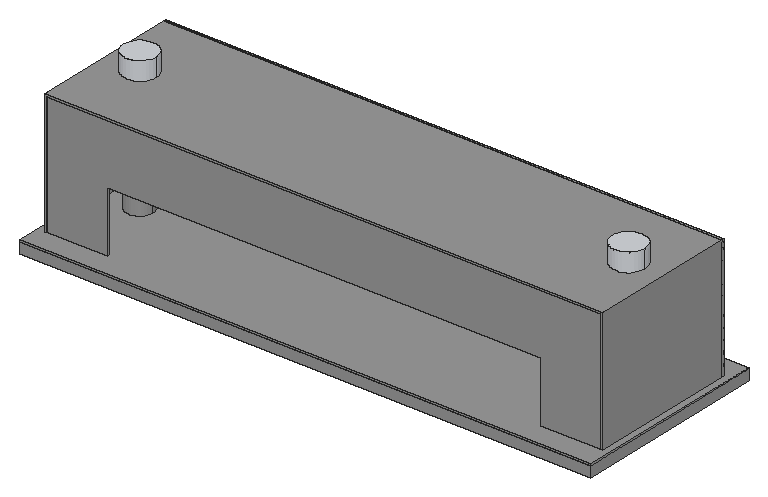
Revit family "Potentialausgleichsschiene massive Ausführung", category Generic Models, Revit 2015
Parameters (values of type "1810")
  Width = 120 mm
  URL = "http://www.obo-bettermann.com"
  Material = Steel, Galvanized
  Manufacturer Art.No. = "5015057"
  Manufacturer = "OBO Bettermann"
  Length 1 = 110 mm
  Length = 348 mm
  Height 1 = 82.5 mm
  Height = 1 mm
  GTIN = "4012195378136"
  Cut's number = 6
  Article Type = "1810"
Reference planes
  plane 1 "Center (Front/Back)": y = 0
  plane 2: z = 0
  plane 3 "Center (Left/Right)": x = 0
  plane 4: z = 1
  plane 5: z = -6.5
  plane 6: z = 39
  plane 7: z = 45
  plane 8: z = 76
  plane 9: z = 87
  plane 10: z = 48.4
  plane 11: z = 54.9
  plane 12: z = 63
  plane 13: z = 35
  plane 14: z = 33.5
  plane 15: z = 51.2
  plane 16: z = 59.2
  plane 17: z = 70.2
  plane 18: z = 70
  plane 19: z = 49
  plane 20: z = 51.4
  plane 21: z = 57.7
  plane 22: z = 33.7
  plane 23: y = 46
  plane 24: y = -46
  plane 25: y = -45
  plane 26: y = 45
Forms (mm)
  Extrusion 1, solid, material "Steel, Galvanized" <- "Material"
    sketch origin (0, 0, 0) x (1, 0, 0) y (0, 1, 0)
      loop
        line (-174, 60) -> (-174, -60) -> (174, -60) -> (174, 60) -> (-174, 60)
    from 0 to 1
  Extrusion 2, solid, material "Steel, Galvanized" <- "Material"
    sketch origin (0, 0, 0) x (1, 0, 0) y (0, 1, 0)
      loop
        line (174, 60) -> (-174, 60) -> (-174, -60) -> (174, -60) -> (174, 60)
      loop
        line (-173, 59) -> (-173, -59) -> (173, -59) -> (173, 59) -> (-173, 59)
    from -6.5 to 0
  Extrusion 3, solid, material "Steel, Galvanized" <- "Material"
    sketch origin (0, 0, 0) x (1, 0, 0) y (0, 1, 0)
      loop
        circle (-149, 0) r 8
      loop
        circle (149, 0) r 8
    from 1 to 39
  Extrusion 4, solid, material "Steel, Galvanized" <- "Material"
    sketch origin (0, 0, 0) x (1, 0, 0) y (0, 1, 0)
      loop
        line (-159, 15) -> (-159, -15) -> (159, -15) -> (159, 15) -> (-159, 15)
    from 39 to 45
  Extrusion 5, solid
    sketch origin (0, 0, 0) x (1, 0, 0) y (0, 1, 0)
      loop
        circle (149, 0) r 3
      loop
        circle (-149, 0) r 3
    from 45 to 76
  Extrusion 6, solid
    sketch origin (0, 0, 0) x (1, 0, 0) y (0, 1, 0)
      loop
        circle (-149, 0) r 10
      loop
        circle (149, 0) r 10
    from 76 to 87
  Extrusion 7, solid
    sketch origin (0, 0, 0) x (1, 0, 0) y (0, 1, 0)
      loop
        circle (-129, 0) r 7.5
    from 45 to 48.4
  Extrusion 8, solid
    sketch origin (0, 0, 0) x (1, 0, 0) y (0, 1, 0)
      loop
        line (-121.5, 4.33) -> (-129, 8.66) -> (-136.5, 4.33) -> (-136.5, -4.33) -> (-129, -8.66) -> (-121.5, -4.33) -> (-121.5, 4.33)
    from 48.4 to 54.9
  Extrusion 9, solid
    sketch origin (0, 0, 0) x (1, 0, 0) y (0, 1, 0)
      loop
        circle (-129, 0) r 4
    from 54.9 to 63
  Extrusion 10, solid
    sketch origin (0, 0, 0) x (1, 0, 0) y (0, 1, 0)
      loop
        circle (-129, 0) r 7.724
    from 35 to 39
  Extrusion 11, solid
    sketch origin (110, 0, 0) x (1, 0, 0) y (0, 1, 0)
      loop
        circle (-129, 0) r 7.5
    from 45 to 48.4
  Extrusion 12, solid
    sketch origin (110, 0, 0) x (1, 0, 0) y (0, 1, 0)
      loop
        line (-121.5, 4.33) -> (-129, 8.66) -> (-136.5, 4.33) -> (-136.5, -4.33) -> (-129, -8.66) -> (-121.5, -4.33) -> (-121.5, 4.33)
    from 48.4 to 54.9
  Extrusion 13, solid
    sketch origin (110, 0, 0) x (1, 0, 0) y (0, 1, 0)
      loop
        circle (-129, 0) r 4
    from 54.9 to 63
  Extrusion 14, solid
    sketch origin (110, 0, 0) x (1, 0, 0) y (0, 1, 0)
      loop
        circle (-129, 0) r 7.724
    from 35 to 39
  Extrusion 15, solid
    sketch origin (22, 0, 0) x (1, 0, 0) y (0, 1, 0)
      loop
        circle (-129, 0) r 7.5
    from 45 to 48.4
  Extrusion 16, solid
    sketch origin (22, 0, 0) x (1, 0, 0) y (0, 1, 0)
      loop
        line (-121.5, 4.33) -> (-129, 8.66) -> (-136.5, 4.33) -> (-136.5, -4.33) -> (-129, -8.66) -> (-121.5, -4.33) -> (-121.5, 4.33)
    from 48.4 to 54.9
  Extrusion 17, solid
    sketch origin (22, 0, 0) x (1, 0, 0) y (0, 1, 0)
      loop
        circle (-129, 0) r 4
    from 54.9 to 63
  Extrusion 18, solid
    sketch origin (22, 0, 0) x (1, 0, 0) y (0, 1, 0)
      loop
        circle (-129, 0) r 7.724
    from 35 to 39
  Extrusion 19, solid
    sketch origin (44, 0, 0) x (1, 0, 0) y (0, 1, 0)
      loop
        circle (-129, 0) r 7.5
    from 45 to 48.4
  Extrusion 20, solid
    sketch origin (44, 0, 0) x (1, 0, 0) y (0, 1, 0)
      loop
        line (-121.5, 4.33) -> (-129, 8.66) -> (-136.5, 4.33) -> (-136.5, -4.33) -> (-129, -8.66) -> (-121.5, -4.33) -> (-121.5, 4.33)
    from 48.4 to 54.9
  Extrusion 21, solid
    sketch origin (44, 0, 0) x (1, 0, 0) y (0, 1, 0)
      loop
        circle (-129, 0) r 4
    from 54.9 to 63
  Extrusion 22, solid
    sketch origin (44, 0, 0) x (1, 0, 0) y (0, 1, 0)
      loop
        circle (-129, 0) r 7.724
    from 35 to 39
  Extrusion 23, solid
    sketch origin (66, 0, 0) x (1, 0, 0) y (0, 1, 0)
      loop
        circle (-129, 0) r 7.5
    from 45 to 48.4
  Extrusion 24, solid
    sketch origin (66, 0, 0) x (1, 0, 0) y (0, 1, 0)
      loop
        line (-121.5, 4.33) -> (-129, 8.66) -> (-136.5, 4.33) -> (-136.5, -4.33) -> (-129, -8.66) -> (-121.5, -4.33) -> (-121.5, 4.33)
    from 48.4 to 54.9
  Extrusion 25, solid
    sketch origin (66, 0, 0) x (1, 0, 0) y (0, 1, 0)
      loop
        circle (-129, 0) r 4
    from 54.9 to 63
  Extrusion 26, solid
    sketch origin (66, 0, 0) x (1, 0, 0) y (0, 1, 0)
      loop
        circle (-129, 0) r 7.724
    from 35 to 39
  Extrusion 27, solid
    sketch origin (88, 0, 0) x (1, 0, 0) y (0, 1, 0)
      loop
        circle (-129, 0) r 7.5
    from 45 to 48.4
  Extrusion 28, solid
    sketch origin (88, 0, 0) x (1, 0, 0) y (0, 1, 0)
      loop
        line (-121.5, 4.33) -> (-129, 8.66) -> (-136.5, 4.33) -> (-136.5, -4.33) -> (-129, -8.66) -> (-121.5, -4.33) -> (-121.5, 4.33)
    from 48.4 to 54.9
  Extrusion 29, solid
    sketch origin (88, 0, 0) x (1, 0, 0) y (0, 1, 0)
      loop
        circle (-129, 0) r 4
    from 54.9 to 63
  Extrusion 30, solid
    sketch origin (88, 0, 0) x (1, 0, 0) y (0, 1, 0)
      loop
        circle (-129, 0) r 7.724
    from 35 to 39
  Extrusion 31, solid, material "Steel, Galvanized" <- "Material"
    sketch origin (0, 0, 0) x (1, 0, 0) y (0, 1, 0)
      loop
        circle (7, 0) r 10.714
    from 33.5 to 39
  Extrusion 32, solid
    sketch origin (0, 0, 0) x (1, 0, 0) y (0, 1, 0)
      loop
        circle (7, 0) r 8.5
    from 45 to 51.2
  Extrusion 33, solid
    sketch origin (0, 0, 0) x (1, 0, 0) y (0, 1, 0)
      loop
        line (15.5, 4.907) -> (7, 9.815) -> (-1.5, 4.907) -> (-1.5, -4.907) -> (7, -9.815) -> (15.5, -4.907) -> (15.5, 4.907)
    from 51.2 to 59.2
  Extrusion 34, solid
    sketch origin (0, 0, 0) x (1, 0, 0) y (0, 1, 0)
      loop
        circle (7, 0) r 5
    from 59.2 to 70.2
  Extrusion 35, solid
    sketch origin (0, 0, 0) x (1, 0, 0) y (0, 1, 0)
      loop
        circle (33, 0) r 7.5
      loop
        circle (58, 0) r 7.5
    from 45 to 48.4
  Extrusion 36, solid
    sketch origin (0, 0, 0) x (1, 0, 0) y (0, 1, 0)
      loop
        line (40.5, 4.33) -> (33, 8.66) -> (25.5, 4.33) -> (25.5, -4.33) -> (33, -8.66) -> (40.5, -4.33) -> (40.5, 4.33)
      loop
        line (65.5, 4.33) -> (58, 8.66) -> (50.5, 4.33) -> (50.5, -4.33) -> (58, -8.66) -> (65.5, -4.33) -> (65.5, 4.33)
    from 48.4 to 54.9
  Extrusion 37, solid
    sketch origin (0, 0, 0) x (1, 0, 0) y (0, 1, 0)
      loop
        circle (33, 0) r 4.032
      loop
        circle (58, 0) r 3.965
    from 54.9 to 70.2
  Extrusion 38, solid
    sketch origin (0, 0, 0) x (1, 0, 0) y (0, 1, 0)
      loop
        line (75, 15) -> (75, -15) -> (141, -15) -> (141, 15) -> (75, 15)
    from 45 to 49
  Extrusion 39, solid
    sketch origin (0, 0, 0) x (1, 0, 0) y (0, 1, 0)
      loop
        circle (83, 0) r 7.5
      loop
        circle (133, 0) r 7.5
    from 49 to 51.2
  Extrusion 40, solid
    sketch origin (0, 0, 0) x (1, 0, 0) y (0, 1, 0)
      loop
        line (89.516, 3.762) -> (83, 7.524) -> (76.484, 3.762) -> (76.484, -3.762) -> (83, -7.524) -> (89.516, -3.762) -> (89.516, 3.762)
      loop
        line (126.535, -3.733) -> (133, -7.465) -> (139.465, -3.733) -> (139.465, 3.733) -> (133, 7.465) -> (126.535, 3.733) -> (126.535, -3.733)
    from 51.2 to 57.7
  Extrusion 41, solid
    sketch origin (0, 0, 0) x (1, 0, 0) y (0, 1, 0)
      loop
        circle (83, 0) r 3.98
      loop
        circle (133, 0) r 4.049
    from 57.7 to 70.2
  Extrusion 42, solid, material "Steel, Galvanized" <- "Material"
    sketch origin (0, 0, 0) x (1, 0, 0) y (0, 1, 0)
      loop
        line (39.524, 3.766) -> (33, 7.533) -> (26.476, 3.766) -> (26.476, -3.766) -> (33, -7.533) -> (39.524, -3.766) -> (39.524, 3.766)
      loop
        line (64.465, 3.732) -> (58, 7.465) -> (51.535, 3.732) -> (51.535, -3.732) -> (58, -7.465) -> (64.465, -3.732) -> (64.465, 3.732)
      loop
        line (89.516, 3.762) -> (83, 7.524) -> (76.484, 3.762) -> (76.484, -3.762) -> (83, -7.524) -> (89.516, -3.762) -> (89.516, 3.762)
      loop
        line (126.535, -3.733) -> (133, -7.465) -> (139.465, -3.733) -> (139.465, 3.733) -> (133, 7.465) -> (126.535, 3.733) -> (126.535, -3.733)
    from 33.7 to 39
  Extrusion 43, solid, material "Steel, Galvanized" <- "Material"
    sketch origin (0, 0, 0) x (1, 0, 0) y (0, 0, 1)
      loop
        line (-170, 1) -> (-169, 1) -> (-169, 75) -> (169, 75) -> (169, 1) -> (170, 1) -> (170, 76) -> (-170, 76) -> (-170, 1)
    from -46 to 46
  Extrusion 44, solid, material "Steel, Galvanized" <- "Material"
    sketch origin (0, 0, 0) x (1, 0, 0) y (0, 0, 1)
      loop
        line (170, 76) -> (-170, 76) -> (-170, 1) -> (-132, 1) -> (-132, 38) -> (132, 38) -> (132, 1) -> (170, 1) -> (170, 76)
    from 45 to 46
  Extrusion 45, solid, material "Steel, Galvanized" <- "Material"
    sketch origin (0, 0, 0) x (1, 0, 0) y (0, 0, 1)
      loop
        line (170, 76) -> (-170, 76) -> (-170, 1) -> (-132, 1) -> (-132, 38) -> (132, 38) -> (132, 1) -> (170, 1) -> (170, 76)
    from -46 to -45
Dimensions and locks
  "Length": Extrusion 1 sketch curve to Extrusion 1 sketch curve
  equal spacing: Extrusion 1 sketch curve, plane 3 "Center (Left/Right)", Extrusion 1 sketch curve, locked at 174 each
  "Width": Extrusion 1 sketch curve to Extrusion 1 sketch curve
  equal spacing: Extrusion 1 sketch curve, plane 1 "Center (Front/Back)", Extrusion 1 sketch curve, locked at 60 each
  "Height": plane 4 to level
  locked: Extrusion 1 to Extrusion 2 sketch curve at 1  (x3)
  locked: Extrusion 2 sketch curve to Extrusion 1 at 1
  locked: level to plane 5 at 6.5
  locked: Extrusion 3 sketch curve to Extrusion 3 sketch curve at 298
  equal spacing: Extrusion 3 sketch curve, plane 3 "Center (Left/Right)", Extrusion 3 sketch curve
  equal spacing: Extrusion 1, Extrusion 3 sketch curve, Extrusion 1, locked at 60 each  (x2)
  locked: plane 6 to plane 4 at 38
  locked: Extrusion 4 sketch curve to Extrusion 4 sketch curve at 30
  equal spacing: Extrusion 4 sketch curve, plane 1 "Center (Front/Back)", Extrusion 4 sketch curve, locked at 15 each
  locked: Extrusion 4 sketch curve to Extrusion 4 sketch curve at 318
  equal spacing: Extrusion 4 sketch curve, plane 3 "Center (Left/Right)", Extrusion 4 sketch curve, locked at 159 each
  locked: plane 7 to plane 6 at 6
  locked: plane 8 to plane 7 at 31
  locked: plane 9 to plane 8 at 11
  locked: plane 10 to plane 7 at 3.4
  locked: plane 11 to plane 10 at 6.5
  locked: plane 12 to plane 11 at 8.1
  locked: Extrusion 4 to plane 13 at 4
  equal spacing: group 1, group 3, group 4, group 5, group 6, group 2  (x3)
  "Length 1": Extrusion 8 to Extrusion 12
  locked: Extrusion 4 to Extrusion 31 sketch curve at 166
  locked: Extrusion 4 to plane 14 at 5.5
  locked: plane 15 to Extrusion 4 at 6.2
  locked: plane 16 to plane 15 at 8
  locked: plane 17 to plane 16 at 11
  locked: Extrusion 35 sketch curve to Extrusion 4 at 126
  locked: Extrusion 35 sketch curve to Extrusion 4 at 101
  locked: plane 18 to Extrusion 36 at 15.1
  locked: Extrusion 38 sketch curve to Extrusion 38 sketch curve at 66
  locked: Extrusion 38 sketch curve to Extrusion 4 at 18
  locked: plane 19 to Extrusion 4 at 4
  locked: Extrusion 39 sketch curve to Extrusion 4 at 76
  locked: Extrusion 39 sketch curve to Extrusion 4 at 26
  locked: plane 20 to Extrusion 38 at 2.4
  locked: plane 21 to Extrusion 39 at 6.5
  locked: Extrusion 4 to plane 22 at 5.3
  locked: Extrusion 43 sketch curve to Extrusion 43 sketch curve at 340
  equal spacing: Extrusion 43 sketch curve, plane 3 "Center (Left/Right)", Extrusion 43 sketch curve, locked at 170 each
  locked: Extrusion 43 sketch curve to Extrusion 43 sketch curve at 1  (x3)
  locked: plane 24 to plane 23 at 92
  locked: plane 1 "Center (Front/Back)" to plane 23 at 46
  locked: Extrusion 43 to Extrusion 44 sketch curve at 38  (x3)
  locked: plane 25 to plane 24 at 1
  locked: plane 26 to plane 23 at 1
  "Height 1": plane 8 to Extrusion 2
  aligned and locked: level to plane 2
  aligned and locked: Extrusion 1 to level
  aligned and locked: plane 4 to Extrusion 1
  aligned and locked: Extrusion 2 sketch curve to Extrusion 1  (x4)
  aligned and locked: Extrusion 2 to plane 5
  aligned and locked: level to Extrusion 2
  aligned and locked: Extrusion 3 to Extrusion 1
  aligned and locked: plane 6 to Extrusion 3
  aligned and locked: Extrusion 4 to Extrusion 3
  aligned and locked: plane 7 to Extrusion 4
  aligned and locked: Extrusion 5 to Extrusion 4
  aligned and locked: plane 8 to Extrusion 5
  aligned and locked: Extrusion 6 to Extrusion 5
  aligned and locked: plane 9 to Extrusion 6
  aligned and locked: Extrusion 7 to Extrusion 4
  aligned and locked: plane 10 to Extrusion 7
  aligned and locked: Extrusion 8 to Extrusion 7
  aligned and locked: plane 11 to Extrusion 8
  aligned and locked: Extrusion 9 to Extrusion 8
  aligned and locked: plane 12 to Extrusion 9
  aligned and locked: Extrusion 10 to plane 13
  aligned and locked: Extrusion 3 to Extrusion 10
  aligned and locked: Extrusion 12 to Extrusion 11
  aligned and locked: Extrusion 13 to Extrusion 12
  aligned and locked: Extrusion 16 to Extrusion 15
  aligned and locked: Extrusion 17 to Extrusion 16
  aligned and locked: Extrusion 20 to Extrusion 19
  aligned and locked: Extrusion 21 to Extrusion 20
  aligned and locked: Extrusion 24 to Extrusion 23
  aligned and locked: Extrusion 25 to Extrusion 24
  aligned and locked: Extrusion 28 to Extrusion 27
  aligned and locked: Extrusion 29 to Extrusion 28
  aligned and locked: Extrusion 31 to plane 14
  aligned and locked: Extrusion 3 to Extrusion 31
  aligned and locked: Extrusion 32 to Extrusion 4
  aligned and locked: plane 15 to Extrusion 32
  aligned and locked: Extrusion 33 to Extrusion 32
  aligned and locked: plane 16 to Extrusion 33
  aligned and locked: Extrusion 34 to Extrusion 33
  aligned and locked: plane 17 to Extrusion 34
  aligned and locked: Extrusion 35 to Extrusion 4
  aligned and locked: Extrusion 35 to Extrusion 7
  aligned and locked: Extrusion 7 to Extrusion 36
  aligned and locked: Extrusion 36 to Extrusion 8
  aligned and locked: Extrusion 37 to Extrusion 34
  aligned and locked: Extrusion 12 to Extrusion 37
  aligned and locked: Extrusion 38 sketch curve to Extrusion 4  (x2)
  aligned and locked: Extrusion 38 to Extrusion 4
  aligned and locked: plane 19 to Extrusion 38
  aligned and locked: Extrusion 39 to Extrusion 38
  aligned and locked: Extrusion 39 to Extrusion 32
  aligned and locked: plane 15 to Extrusion 40
  aligned and locked: plane 21 to Extrusion 40
  aligned and locked: Extrusion 41 to Extrusion 40
  aligned and locked: Extrusion 41 to plane 17
  aligned and locked: Extrusion 42 to plane 22
  aligned and locked: Extrusion 3 to Extrusion 42
  aligned and locked: Extrusion 43 sketch curve to plane 8
  aligned and locked: plane 4 to Extrusion 43 sketch curve
  aligned and locked: Extrusion 43 sketch curve to plane 4
  aligned and locked: Extrusion 43 to plane 23
  aligned and locked: plane 24 to Extrusion 43
  aligned and locked: Extrusion 44 sketch curve to Extrusion 43  (x3)
  aligned and locked: Extrusion 44 sketch curve to plane 4
  aligned and locked: plane 4 to Extrusion 44 sketch curve
  aligned and locked: plane 25 to Extrusion 44
  aligned and locked: Extrusion 44 to Extrusion 43
  aligned and locked: Extrusion 45 sketch curve to Extrusion 44  (x6)
  aligned and locked: plane 4 to Extrusion 45 sketch curve
  aligned and locked: Extrusion 45 sketch curve to plane 4
  aligned and locked: Extrusion 45 to Extrusion 43
  aligned and locked: Extrusion 45 to plane 26
Automatic sketch dimensions
  plane 1 "Center (Front/Back)" to Extrusion 5 sketch curve = 0 mm  (x2)
  Extrusion 5 sketch curve to plane 3 "Center (Left/Right)" = 149 mm
  plane 3 "Center (Left/Right)" to Extrusion 5 sketch curve = 149 mm
  plane 1 "Center (Front/Back)" to Extrusion 6 sketch curve = 0 mm  (x2)
  Extrusion 6 sketch curve to plane 3 "Center (Left/Right)" = 149 mm
  plane 3 "Center (Left/Right)" to Extrusion 6 sketch curve = 149 mm
  Extrusion 8 sketch curve to Extrusion 8 sketch curve = 7.5 mm  (x3)
  Extrusion 8 sketch curve to Extrusion 8 sketch curve = 4.33 mm  (x3)
  Extrusion 8 sketch curve to Extrusion 8 sketch curve = 8.66 mm  (x2)
  Extrusion 12 sketch curve to Extrusion 12 sketch curve = 7.5 mm  (x3)
  Extrusion 12 sketch curve to Extrusion 12 sketch curve = 4.33 mm  (x3)
  Extrusion 12 sketch curve to Extrusion 12 sketch curve = 8.66 mm  (x2)
  Extrusion 16 sketch curve to Extrusion 16 sketch curve = 7.5 mm  (x3)
  Extrusion 16 sketch curve to Extrusion 16 sketch curve = 4.33 mm  (x3)
  Extrusion 16 sketch curve to Extrusion 16 sketch curve = 8.66 mm  (x2)
  Extrusion 20 sketch curve to Extrusion 20 sketch curve = 7.5 mm  (x3)
  Extrusion 20 sketch curve to Extrusion 20 sketch curve = 4.33 mm  (x3)
  Extrusion 20 sketch curve to Extrusion 20 sketch curve = 8.66 mm  (x2)
  Extrusion 24 sketch curve to Extrusion 24 sketch curve = 7.5 mm  (x3)
  Extrusion 24 sketch curve to Extrusion 24 sketch curve = 4.33 mm  (x3)
  Extrusion 24 sketch curve to Extrusion 24 sketch curve = 8.66 mm  (x2)
  Extrusion 28 sketch curve to Extrusion 28 sketch curve = 7.5 mm  (x3)
  Extrusion 28 sketch curve to Extrusion 28 sketch curve = 4.33 mm  (x3)
  Extrusion 28 sketch curve to Extrusion 28 sketch curve = 8.66 mm  (x2)
  plane 1 "Center (Front/Back)" to Extrusion 31 sketch curve = 0 mm
  plane 1 "Center (Front/Back)" to Extrusion 32 sketch curve = 0 mm
  plane 3 "Center (Left/Right)" to Extrusion 32 sketch curve = 7 mm
  Extrusion 33 sketch curve to plane 3 "Center (Left/Right)" = 1.5 mm
  plane 3 "Center (Left/Right)" to Extrusion 33 sketch curve = 7 mm  (x2)
  plane 1 "Center (Front/Back)" to Extrusion 33 sketch curve = 4.907 mm  (x2)
  Extrusion 33 sketch curve to Extrusion 33 sketch curve = 8.5 mm
  Extrusion 33 sketch curve to Extrusion 33 sketch curve = 4.907 mm  (x2)
  Extrusion 33 sketch curve to plane 1 "Center (Front/Back)" = 4.907 mm  (x2)
  plane 1 "Center (Front/Back)" to Extrusion 34 sketch curve = 0 mm
  plane 3 "Center (Left/Right)" to Extrusion 34 sketch curve = 7 mm
  plane 1 "Center (Front/Back)" to Extrusion 35 sketch curve = 0 mm  (x2)
  plane 1 "Center (Front/Back)" to Extrusion 36 sketch curve = 4.33 mm  (x4)
  plane 3 "Center (Left/Right)" to Extrusion 36 sketch curve = 25.5 mm
  Extrusion 36 sketch curve to plane 1 "Center (Front/Back)" = 8.66 mm  (x2)
  Extrusion 36 sketch curve to Extrusion 36 sketch curve = 7.5 mm  (x6)
  plane 1 "Center (Front/Back)" to Extrusion 36 sketch curve = 8.66 mm  (x2)
  Extrusion 36 sketch curve to plane 1 "Center (Front/Back)" = 4.33 mm  (x4)
  Extrusion 36 sketch curve to Extrusion 36 sketch curve = 10 mm
  plane 1 "Center (Front/Back)" to Extrusion 37 sketch curve = 0 mm  (x2)
  plane 3 "Center (Left/Right)" to Extrusion 37 sketch curve = 33 mm
  Extrusion 37 sketch curve to Extrusion 37 sketch curve = 25 mm
  plane 1 "Center (Front/Back)" to Extrusion 39 sketch curve = 0 mm  (x2)
  plane 1 "Center (Front/Back)" to Extrusion 40 sketch curve = 3.762 mm  (x2)
  plane 3 "Center (Left/Right)" to Extrusion 40 sketch curve = 76.484 mm
  Extrusion 40 sketch curve to plane 1 "Center (Front/Back)" = 7.524 mm
  Extrusion 40 sketch curve to Extrusion 40 sketch curve = 6.516 mm  (x3)
  Extrusion 40 sketch curve to plane 1 "Center (Front/Back)" = 3.762 mm  (x2)
  Extrusion 40 sketch curve to plane 1 "Center (Front/Back)" = 3.733 mm  (x2)
  Extrusion 40 sketch curve to Extrusion 40 sketch curve = 37.019 mm
  plane 1 "Center (Front/Back)" to Extrusion 40 sketch curve = 7.465 mm
  Extrusion 40 sketch curve to Extrusion 40 sketch curve = 6.465 mm  (x3)
  Extrusion 40 sketch curve to plane 1 "Center (Front/Back)" = 7.465 mm
  Extrusion 40 sketch curve to Extrusion 40 sketch curve = 3.762 mm
  plane 1 "Center (Front/Back)" to Extrusion 40 sketch curve = 3.733 mm  (x2)
  plane 1 "Center (Front/Back)" to Extrusion 41 sketch curve = 0 mm  (x2)
  plane 3 "Center (Left/Right)" to Extrusion 41 sketch curve = 83 mm
  Extrusion 41 sketch curve to Extrusion 41 sketch curve = 50 mm
  Extrusion 42 sketch curve to plane 1 "Center (Front/Back)" = 3.766 mm  (x2)
  plane 3 "Center (Left/Right)" to Extrusion 42 sketch curve = 26.476 mm
  plane 1 "Center (Front/Back)" to Extrusion 42 sketch curve = 7.533 mm
  Extrusion 42 sketch curve to Extrusion 42 sketch curve = 6.524 mm  (x3)
  Extrusion 42 sketch curve to plane 1 "Center (Front/Back)" = 7.533 mm
  plane 1 "Center (Front/Back)" to Extrusion 42 sketch curve = 3.732 mm  (x2)
  Extrusion 42 sketch curve to Extrusion 42 sketch curve = 12.012 mm
  Extrusion 42 sketch curve to plane 1 "Center (Front/Back)" = 7.465 mm  (x2)
  Extrusion 42 sketch curve to Extrusion 42 sketch curve = 6.465 mm  (x6)
  plane 1 "Center (Front/Back)" to Extrusion 42 sketch curve = 7.465 mm  (x2)
  Extrusion 42 sketch curve to plane 1 "Center (Front/Back)" = 3.732 mm  (x2)
  plane 1 "Center (Front/Back)" to Extrusion 42 sketch curve = 3.762 mm  (x2)
  Extrusion 42 sketch curve to Extrusion 42 sketch curve = 12.02 mm
  Extrusion 42 sketch curve to plane 1 "Center (Front/Back)" = 7.524 mm
  Extrusion 42 sketch curve to Extrusion 42 sketch curve = 6.516 mm  (x3)
  Extrusion 42 sketch curve to plane 1 "Center (Front/Back)" = 3.762 mm  (x2)
  Extrusion 42 sketch curve to plane 1 "Center (Front/Back)" = 3.733 mm  (x2)
  Extrusion 42 sketch curve to Extrusion 42 sketch curve = 37.019 mm
  Extrusion 42 sketch curve to Extrusion 42 sketch curve = 3.762 mm
  plane 1 "Center (Front/Back)" to Extrusion 42 sketch curve = 3.766 mm  (x2)
  plane 1 "Center (Front/Back)" to Extrusion 42 sketch curve = 3.733 mm  (x2)
  radius of Extrusion 3 sketch curve = 8 mm  (x2)
  radius of Extrusion 5 sketch curve = 3 mm  (x2)
  radius of Extrusion 6 sketch curve = 10 mm  (x2)
  radius of Extrusion 7 sketch curve = 7.5 mm
  radius of Extrusion 9 sketch curve = 4 mm
  radius of Extrusion 10 sketch curve = 7.724 mm
  radius of Extrusion 11 sketch curve = 7.5 mm
  radius of Extrusion 13 sketch curve = 4 mm
  radius of Extrusion 14 sketch curve = 7.724 mm
  radius of Extrusion 15 sketch curve = 7.5 mm
  radius of Extrusion 17 sketch curve = 4 mm
  radius of Extrusion 18 sketch curve = 7.724 mm
  radius of Extrusion 19 sketch curve = 7.5 mm
  radius of Extrusion 21 sketch curve = 4 mm
  radius of Extrusion 22 sketch curve = 7.724 mm
  radius of Extrusion 23 sketch curve = 7.5 mm
  radius of Extrusion 25 sketch curve = 4 mm
  radius of Extrusion 26 sketch curve = 7.724 mm
  radius of Extrusion 27 sketch curve = 7.5 mm
  radius of Extrusion 29 sketch curve = 4 mm
  radius of Extrusion 30 sketch curve = 7.724 mm
  radius of Extrusion 31 sketch curve = 10.714 mm
  radius of Extrusion 32 sketch curve = 8.5 mm
  radius of Extrusion 34 sketch curve = 5 mm
  radius of Extrusion 35 sketch curve = 7.5 mm  (x2)
  radius of Extrusion 37 sketch curve = 4.032 mm
  radius of Extrusion 37 sketch curve = 3.965 mm
  radius of Extrusion 39 sketch curve = 7.5 mm  (x2)
  radius of Extrusion 41 sketch curve = 3.98 mm
  radius of Extrusion 41 sketch curve = 4.049 mm
